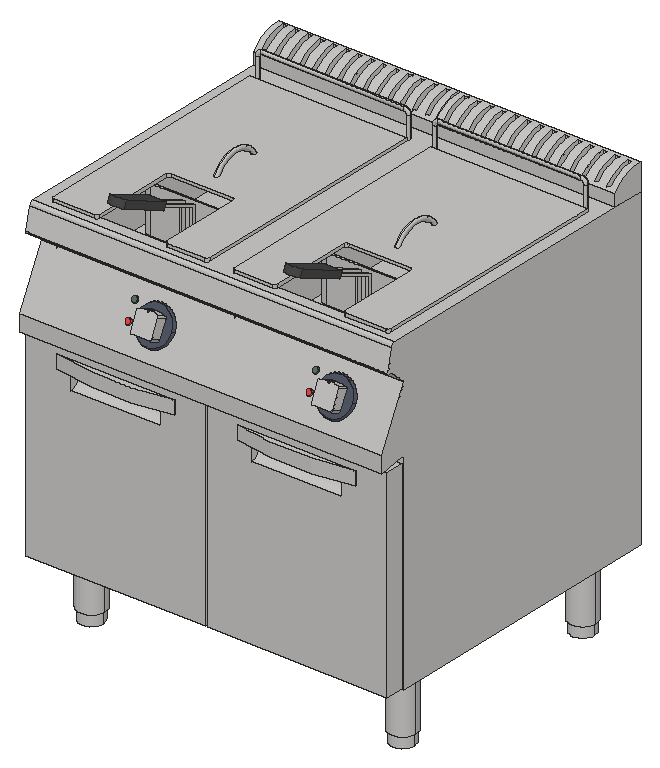
Revit family "QF_ZANUSSI_372082_Z7FREH2GF0", category Specialty Equipment, Revit 2018 (continued)
Automatic sketch dimensions
  Extrusion 6 sketch curve to plane 7 "Center Y" = 26.988 mm
  Extrusion 6 sketch curve to Extrusion 6 sketch curve = 82.55 mm
  plane 3 "LEFT" to Extrusion 6 sketch curve = 134.938 mm
  plane 3 "LEFT" to Extrusion 6 sketch curve = 128.588 mm
  plane 3 "LEFT" to Extrusion 6 sketch curve = 33.338 mm
  plane 3 "LEFT" to Extrusion 6 sketch curve = 26.988 mm
  Extrusion 6 sketch curve to plane 8 "Center X" = 116.012 mm  (x2)
  Extrusion 6 sketch curve to plane 12 = 34.801 mm  (x2)
  Sweep 7 sketch curve to plane 10 "TOP A" = 0 mm  (x2)
  Sweep 7 sketch curve to plane 6 "TOP" = 9.525 mm  (x2)
  plane 3 "LEFT" to Sweep 7 sketch curve = 39.688 mm
  Sweep 7 sketch curve to Sweep 7 sketch curve = 6.35 mm
  Sweep 7 sketch curve to plane 7 "Center Y" = 37.331 mm
  Sweep 7 sketch curve to profile plane = 2.09 mm
  profile plane to Sweep 7 sketch curve = 140.754 mm
  Extrusion 8 sketch curve to plane 7 "Center Y" = 175.907 mm
  Extrusion 8 sketch curve to Extrusion 8 sketch curve = 0 mm
  Extrusion 8 sketch curve to Extrusion 8 sketch curve = 11.832 mm
  Extrusion 8 sketch curve to Extrusion 8 sketch curve = 106.78 mm
  Extrusion 8 sketch curve to Extrusion 8 sketch curve = 18.617 mm
  Extrusion 9 sketch curve to plane 11 = 1.013 mm
  Extrusion 9 sketch curve to plane 11 = 3.696 mm
  Extrusion 9 sketch curve to plane 10 "TOP A" = 11.567 mm
  Extrusion 9 sketch curve to plane 11 = 84.899 mm
  Extrusion 9 sketch curve to plane 10 "TOP A" = 7.522 mm
  Extrusion 9 sketch curve to Extrusion 9 sketch curve = 6.35 mm
  Extrusion 9 sketch curve to Extrusion 9 sketch curve = 97.432 mm
  Extrusion 10 sketch curve to plane 11 = 1.013 mm
  Extrusion 10 sketch curve to plane 11 = 3.696 mm
  Extrusion 10 sketch curve to plane 10 "TOP A" = 11.567 mm
  Extrusion 10 sketch curve to plane 11 = 84.899 mm
  Extrusion 10 sketch curve to Extrusion 10 sketch curve = 6.35 mm
  Extrusion 10 sketch curve to plane 10 "TOP A" = 7.522 mm
  Extrusion 10 sketch curve to Extrusion 10 sketch curve = 97.432 mm
  Sweep 11 sketch curve to plane 10 "TOP A" = 0 mm  (x2)
  Sweep 11 sketch curve to plane 8 "Center X" = 12.824 mm
  Sweep 11 sketch curve to plane 10 "TOP A" = 26.978 mm
  Sweep 11 sketch curve to Sweep 11 sketch curve = 54.439 mm
  Sweep 11 sketch curve to profile plane = 0 mm  (x2)
  Sweep 12 sketch curve to plane 10 "TOP A" = 0 mm  (x2)
  Sweep 12 sketch curve to plane 8 "Center X" = 12.824 mm
  Sweep 12 sketch curve to plane 10 "TOP A" = 26.978 mm
  Sweep 12 sketch curve to Sweep 12 sketch curve = 54.439 mm
  Sweep 12 sketch curve to profile plane = 0 mm
  profile plane to Sweep 12 sketch curve = 0 mm
  plane 7 "Center Y" to Extrusion 13 sketch curve = 175.907 mm
  Extrusion 13 sketch curve to Extrusion 13 sketch curve = 0 mm
  Extrusion 13 sketch curve to Extrusion 13 sketch curve = 11.832 mm
  Extrusion 13 sketch curve to Extrusion 13 sketch curve = 106.78 mm
  Extrusion 13 sketch curve to Extrusion 13 sketch curve = 18.617 mm
  Extrusion 14 sketch curve to Extrusion 14 sketch curve = 0 mm  (x16)
  Extrusion 14 sketch curve to plane 4 "RIGHT" = 91.225 mm
  Extrusion 14 sketch curve to Extrusion 14 sketch curve = 3.175 mm  (x2)
  Extrusion 14 sketch curve to Extrusion 14 sketch curve = 22.225 mm  (x6)
  plane 7 "Center Y" to Extrusion 14 sketch curve = 105.625 mm  (x2)
  Extrusion 14 sketch curve to plane 7 "Center Y" = 80.225 mm
  plane 3 "LEFT" to Extrusion 14 sketch curve = 116.625 mm  (x2)
  plane 12 to Extrusion 14 sketch curve = 41.498 mm  (x2)
  Extrusion 14 sketch curve to plane 8 "Center X" = 116.11 mm  (x2)
  Extrusion 15 sketch curve to plane 11 = 1.013 mm
  Extrusion 15 sketch curve to plane 11 = 3.696 mm
  Extrusion 15 sketch curve to plane 10 "TOP A" = 11.567 mm
  Extrusion 15 sketch curve to plane 11 = 84.899 mm
  Extrusion 15 sketch curve to plane 10 "TOP A" = 7.522 mm
  Extrusion 15 sketch curve to Extrusion 15 sketch curve = 6.35 mm
  Extrusion 15 sketch curve to Extrusion 15 sketch curve = 97.432 mm
  Extrusion 16 sketch curve to plane 11 = 1.013 mm
  Extrusion 16 sketch curve to plane 11 = 3.696 mm
  Extrusion 16 sketch curve to plane 10 "TOP A" = 11.567 mm
  Extrusion 16 sketch curve to plane 11 = 84.899 mm
  Extrusion 16 sketch curve to Extrusion 16 sketch curve = 6.35 mm
  Extrusion 16 sketch curve to Extrusion 16 sketch curve = 97.432 mm
  Extrusion 16 sketch curve to plane 10 "TOP A" = 7.522 mm
  Sweep 17 sketch curve to plane 10 "TOP A" = 0 mm  (x2)
  Sweep 17 sketch curve to plane 6 "TOP" = 9.525 mm  (x2)
  Sweep 17 sketch curve to plane 4 "RIGHT" = 39.688 mm
  Sweep 17 sketch curve to Sweep 17 sketch curve = 6.35 mm
  plane 7 "Center Y" to Sweep 17 sketch curve = 37.331 mm
  profile plane to Sweep 17 sketch curve = 2.09 mm
  profile plane to Sweep 17 sketch curve = 140.754 mm
  plane 1 "BACK" to Extrusion 18 sketch curve = 6.761 mm
  Extrusion 18 sketch curve to plane 7 "Center Y" = 15.351 mm
  Extrusion 18 sketch curve to Extrusion 18 sketch curve = 9.296 mm
  Extrusion 18 sketch curve to Extrusion 18 sketch curve = 57.15 mm
  plane 1 "BACK" to Extrusion 19 sketch curve = 6.761 mm
  plane 3 "LEFT" to Extrusion 19 sketch curve = 50.591 mm
  Extrusion 19 sketch curve to Extrusion 19 sketch curve = 9.296 mm
  Extrusion 19 sketch curve to Extrusion 19 sketch curve = 57.15 mm
  plane 1 "BACK" to Extrusion 20 sketch curve = 6.761 mm
  plane 3 "LEFT" to Extrusion 20 sketch curve = 78.433 mm
  Extrusion 20 sketch curve to Extrusion 20 sketch curve = 9.296 mm
  Extrusion 20 sketch curve to Extrusion 20 sketch curve = 57.15 mm
  plane 1 "BACK" to Extrusion 21 sketch curve = 6.761 mm
  plane 3 "LEFT" to Extrusion 21 sketch curve = 106.275 mm
  Extrusion 21 sketch curve to Extrusion 21 sketch curve = 9.296 mm
  Extrusion 21 sketch curve to Extrusion 21 sketch curve = 57.15 mm
  plane 1 "BACK" to Extrusion 22 sketch curve = 6.761 mm
  plane 3 "LEFT" to Extrusion 22 sketch curve = 134.118 mm
  Extrusion 22 sketch curve to Extrusion 22 sketch curve = 9.296 mm
  Extrusion 22 sketch curve to Extrusion 22 sketch curve = 57.15 mm
  plane 1 "BACK" to Extrusion 23 sketch curve = 6.761 mm
  plane 3 "LEFT" to Extrusion 23 sketch curve = 161.96 mm
  Extrusion 23 sketch curve to Extrusion 23 sketch curve = 9.296 mm
  Extrusion 23 sketch curve to Extrusion 23 sketch curve = 57.15 mm
  plane 1 "BACK" to Extrusion 24 sketch curve = 6.761 mm
  plane 3 "LEFT" to Extrusion 24 sketch curve = 189.802 mm
  Extrusion 24 sketch curve to Extrusion 24 sketch curve = 9.296 mm
  Extrusion 24 sketch curve to Extrusion 24 sketch curve = 57.15 mm
  plane 1 "BACK" to Extrusion 25 sketch curve = 6.761 mm
  Extrusion 25 sketch curve to plane 7 "Center Y" = 182.405 mm
  Extrusion 25 sketch curve to Extrusion 25 sketch curve = 9.296 mm
  Extrusion 25 sketch curve to Extrusion 25 sketch curve = 57.15 mm
  plane 1 "BACK" to Extrusion 26 sketch curve = 6.761 mm
  Extrusion 26 sketch curve to plane 7 "Center Y" = 154.563 mm
  Extrusion 26 sketch curve to Extrusion 26 sketch curve = 9.296 mm
  Extrusion 26 sketch curve to Extrusion 26 sketch curve = 57.15 mm
  plane 1 "BACK" to Extrusion 27 sketch curve = 6.761 mm
  Extrusion 27 sketch curve to plane 7 "Center Y" = 126.721 mm
  Extrusion 27 sketch curve to Extrusion 27 sketch curve = 9.296 mm
  Extrusion 27 sketch curve to Extrusion 27 sketch curve = 57.15 mm
  plane 1 "BACK" to Extrusion 28 sketch curve = 6.761 mm
  Extrusion 28 sketch curve to plane 7 "Center Y" = 98.878 mm
  Extrusion 28 sketch curve to Extrusion 28 sketch curve = 9.296 mm
  Extrusion 28 sketch curve to Extrusion 28 sketch curve = 57.15 mm
  plane 1 "BACK" to Extrusion 29 sketch curve = 6.761 mm
  Extrusion 29 sketch curve to plane 7 "Center Y" = 71.036 mm
  Extrusion 29 sketch curve to Extrusion 29 sketch curve = 9.296 mm
  Extrusion 29 sketch curve to Extrusion 29 sketch curve = 57.15 mm
  plane 1 "BACK" to Extrusion 30 sketch curve = 6.761 mm
  Extrusion 30 sketch curve to plane 7 "Center Y" = 43.194 mm
  Extrusion 30 sketch curve to Extrusion 30 sketch curve = 9.296 mm
  Extrusion 30 sketch curve to Extrusion 30 sketch curve = 57.15 mm
  Extrusion 31 sketch curve to plane 1 "BACK" = 6.761 mm
  plane 4 "RIGHT" to Extrusion 31 sketch curve = 22.749 mm
  Extrusion 31 sketch curve to Extrusion 31 sketch curve = 9.296 mm
  Extrusion 31 sketch curve to Extrusion 31 sketch curve = 57.15 mm
  Extrusion 32 sketch curve to plane 1 "BACK" = 6.761 mm
  Extrusion 32 sketch curve to plane 7 "Center Y" = 15.351 mm
  Extrusion 32 sketch curve to Extrusion 32 sketch curve = 9.296 mm
  Extrusion 32 sketch curve to Extrusion 32 sketch curve = 57.15 mm
  Extrusion 33 sketch curve to plane 1 "BACK" = 6.761 mm
  plane 4 "RIGHT" to Extrusion 33 sketch curve = 50.591 mm
  Extrusion 33 sketch curve to Extrusion 33 sketch curve = 9.296 mm
  Extrusion 33 sketch curve to Extrusion 33 sketch curve = 57.15 mm
  Extrusion 34 sketch curve to plane 1 "BACK" = 6.761 mm
  plane 4 "RIGHT" to Extrusion 34 sketch curve = 78.433 mm
  Extrusion 34 sketch curve to Extrusion 34 sketch curve = 9.296 mm
  Extrusion 34 sketch curve to Extrusion 34 sketch curve = 57.15 mm
  Extrusion 35 sketch curve to plane 1 "BACK" = 6.761 mm
  plane 4 "RIGHT" to Extrusion 35 sketch curve = 106.275 mm
  Extrusion 35 sketch curve to Extrusion 35 sketch curve = 9.296 mm
  Extrusion 35 sketch curve to Extrusion 35 sketch curve = 57.15 mm
  Extrusion 36 sketch curve to plane 1 "BACK" = 6.761 mm
  plane 4 "RIGHT" to Extrusion 36 sketch curve = 134.118 mm
  Extrusion 36 sketch curve to Extrusion 36 sketch curve = 9.296 mm
  Extrusion 36 sketch curve to Extrusion 36 sketch curve = 57.15 mm
  Extrusion 37 sketch curve to plane 1 "BACK" = 6.761 mm
  plane 4 "RIGHT" to Extrusion 37 sketch curve = 161.96 mm
  Extrusion 37 sketch curve to Extrusion 37 sketch curve = 9.296 mm
  Extrusion 37 sketch curve to Extrusion 37 sketch curve = 57.15 mm
  Extrusion 38 sketch curve to plane 1 "BACK" = 6.761 mm
  plane 4 "RIGHT" to Extrusion 38 sketch curve = 189.802 mm
  Extrusion 38 sketch curve to Extrusion 38 sketch curve = 9.296 mm
  Extrusion 38 sketch curve to Extrusion 38 sketch curve = 57.15 mm
  Extrusion 39 sketch curve to plane 1 "BACK" = 6.761 mm
  Extrusion 39 sketch curve to plane 7 "Center Y" = 182.405 mm
  Extrusion 39 sketch curve to Extrusion 39 sketch curve = 9.296 mm
  Extrusion 39 sketch curve to Extrusion 39 sketch curve = 57.15 mm
  Extrusion 40 sketch curve to plane 1 "BACK" = 6.761 mm
  Extrusion 40 sketch curve to plane 7 "Center Y" = 154.563 mm
  Extrusion 40 sketch curve to Extrusion 40 sketch curve = 9.296 mm
  Extrusion 40 sketch curve to Extrusion 40 sketch curve = 57.15 mm
  Extrusion 41 sketch curve to plane 1 "BACK" = 6.761 mm
  Extrusion 41 sketch curve to plane 7 "Center Y" = 126.721 mm
  Extrusion 41 sketch curve to Extrusion 41 sketch curve = 9.296 mm
  Extrusion 41 sketch curve to Extrusion 41 sketch curve = 57.15 mm
  Extrusion 42 sketch curve to plane 1 "BACK" = 6.761 mm
  Extrusion 42 sketch curve to plane 7 "Center Y" = 98.878 mm
  Extrusion 42 sketch curve to Extrusion 42 sketch curve = 9.296 mm
  Extrusion 42 sketch curve to Extrusion 42 sketch curve = 57.15 mm
  Extrusion 43 sketch curve to plane 1 "BACK" = 6.761 mm
  Extrusion 43 sketch curve to plane 7 "Center Y" = 71.036 mm
  Extrusion 43 sketch curve to Extrusion 43 sketch curve = 9.296 mm
  Extrusion 43 sketch curve to Extrusion 43 sketch curve = 57.15 mm
  Extrusion 44 sketch curve to plane 1 "BACK" = 6.761 mm
  Extrusion 44 sketch curve to plane 7 "Center Y" = 43.194 mm
  Extrusion 44 sketch curve to Extrusion 44 sketch curve = 9.296 mm
  Extrusion 44 sketch curve to Extrusion 44 sketch curve = 57.15 mm
  plane 1 "BACK" to Extrusion 45 sketch curve = 0 mm
  plane 7 "Center Y" to Extrusion 45 sketch curve = 1.587 mm
  Extrusion 45 sketch curve to plane 7 "Center Y" = 1.588 mm
  Extrusion 45 sketch curve to Extrusion 45 sketch curve = 69.85 mm
  Revolve 46 sketch curve to level = 0 mm
  Revolve 46 sketch curve to plane 14 = 0 mm  (x2)
  level to Revolve 46 sketch curve = 25 mm
  plane 3 "LEFT" to Revolve 46 sketch curve = 56 mm
  plane 3 "LEFT" to Revolve 46 sketch curve = 29.75 mm
  plane 3 "LEFT" to Revolve 46 sketch curve = 26 mm
  Revolve 46 sketch curve to Revolve 46 sketch curve = 20 mm
  Revolve 46 sketch curve to Revolve 46 sketch curve = 0 mm
  Revolve 47 sketch curve to level = 0 mm
  Revolve 47 sketch curve to plane 14 = 0 mm  (x2)
  level to Revolve 47 sketch curve = 25 mm
  plane 3 "LEFT" to Revolve 47 sketch curve = 56 mm
  plane 3 "LEFT" to Revolve 47 sketch curve = 29.75 mm
  plane 3 "LEFT" to Revolve 47 sketch curve = 26 mm
  Revolve 47 sketch curve to Revolve 47 sketch curve = 20 mm
  Revolve 47 sketch curve to Revolve 47 sketch curve = 0 mm
  Revolve 48 sketch curve to level = 0 mm
  Revolve 48 sketch curve to plane 14 = 0 mm  (x2)
  level to Revolve 48 sketch curve = 25 mm
  Revolve 48 sketch curve to plane 4 "RIGHT" = 26 mm
  Revolve 48 sketch curve to Revolve 48 sketch curve = 3.75 mm
  Revolve 48 sketch curve to Revolve 48 sketch curve = 30 mm
  Revolve 48 sketch curve to Revolve 48 sketch curve = 20 mm
  Revolve 48 sketch curve to Revolve 48 sketch curve = 0 mm
  Revolve 49 sketch curve to level = 0 mm
  Revolve 49 sketch curve to plane 14 = 0 mm  (x2)
  level to Revolve 49 sketch curve = 25 mm
  Revolve 49 sketch curve to plane 4 "RIGHT" = 26 mm
  Revolve 49 sketch curve to Revolve 49 sketch curve = 3.75 mm
  Revolve 49 sketch curve to Revolve 49 sketch curve = 30 mm
  plane 14 to Revolve 49 sketch curve = 20 mm
  Revolve 49 sketch curve to Revolve 49 sketch curve = 0 mm
  Extrusion 51 sketch curve to plane 5 "FRONT" = 12.909 mm
  Extrusion 51 sketch curve to plane 5 "FRONT" = 15 mm
  Extrusion 51 sketch curve to Extrusion 51 sketch curve = 22 mm
  Extrusion 51 sketch curve to plane 9 "BASE" = 83.237 mm
  Extrusion 51 sketch curve to Extrusion 51 sketch curve = 26 mm
  Extrusion 52 sketch curve to plane 5 "FRONT" = 15 mm
  Extrusion 52 sketch curve to plane 7 "Center Y" = 69.727 mm
  Extrusion 52 sketch curve to plane 12 = 42.135 mm
  plane 3 "LEFT" to Extrusion 52 sketch curve = 200 mm
  plane 3 "LEFT" to Extrusion 52 sketch curve = 69.727 mm
  Extrusion 52 sketch curve to Extrusion 52 sketch curve = 0.915 mm
  Extrusion 53 sketch curve to plane 5 "FRONT" = 12.909 mm
  Extrusion 53 sketch curve to plane 5 "FRONT" = 15 mm
  Extrusion 53 sketch curve to Extrusion 53 sketch curve = 22 mm
  Extrusion 53 sketch curve to plane 9 "BASE" = 83.237 mm
  Extrusion 53 sketch curve to Extrusion 53 sketch curve = 26 mm
  Extrusion 54 sketch curve to plane 5 "FRONT" = 15 mm
  Extrusion 54 sketch curve to plane 4 "RIGHT" = 69.727 mm
  Extrusion 54 sketch curve to plane 12 = 42.135 mm
  Extrusion 54 sketch curve to plane 4 "RIGHT" = 200 mm
  plane 7 "Center Y" to Extrusion 54 sketch curve = 69.727 mm
  Extrusion 54 sketch curve to Extrusion 54 sketch curve = 0.915 mm
  Extrusion 55 sketch curve to plane 4 "RIGHT" = 0 mm
  Extrusion 55 sketch curve to plane 3 "LEFT" = 0 mm
  Extrusion 55 sketch curve to plane 4 "RIGHT" = 12.169 mm
  plane 7 "Center Y" to Extrusion 55 sketch curve = 2.13 mm
  Extrusion 55 sketch curve to plane 7 "Center Y" = 2.13 mm
  plane 3 "LEFT" to Extrusion 55 sketch curve = 12.169 mm
  Extrusion 55 sketch curve to plane 5 "FRONT" = 27.6 mm
  Extrusion 55 sketch curve to Extrusion 55 sketch curve = 0 mm
  Extrusion 55 sketch curve to Extrusion 55 sketch curve = 0.091 mm  (x2)
  Extrusion 56 sketch curve to plane 7 "Center Y" = 2.13 mm
  plane 14 to Extrusion 56 sketch curve = 5 mm
  Extrusion 56 sketch curve to plane 9 "BASE" = 0.238 mm
  plane 7 "Center Y" to Extrusion 56 sketch curve = 2.13 mm
  Blend 57 sketch curve to plane 4 "RIGHT" = 125 mm  (x2)
  Extrusion 58 sketch curve to plane 4 "RIGHT" = 148 mm
  Extrusion 58 sketch curve to Extrusion 58 sketch curve = 2.997 mm  (x3)
  Extrusion 58 sketch curve to Extrusion 58 sketch curve = 20.003 mm  (x2)
  Extrusion 58 sketch curve to Extrusion 58 sketch curve = 40.005 mm
  Extrusion 58 sketch curve to Extrusion 58 sketch curve = 5.399 mm
  Extrusion 58 sketch curve to Extrusion 58 sketch curve = 40.037 mm
  Extrusion 58 sketch curve to Extrusion 58 sketch curve = 0 mm  (x2)
  Extrusion 59 sketch curve to plane 4 "RIGHT" = 142.5 mm
  Extrusion 59 sketch curve to Extrusion 59 sketch curve = 35 mm  (x2)
  Extrusion 60 sketch curve to plane 5 "FRONT" = 9.329 mm
  Extrusion 60 sketch curve to plane 10 "TOP A" = 112.253 mm
  Extrusion 60 sketch curve to Extrusion 60 sketch curve = 3 mm
  Extrusion 60 sketch curve to Extrusion 60 sketch curve = 0 mm
  Extrusion 60 sketch curve to Extrusion 60 sketch curve = 1 mm  (x2)
  Extrusion 60 sketch curve to Extrusion 60 sketch curve = 15 mm
  Extrusion 61 sketch curve to plane 4 "RIGHT" = 180.001 mm
  Extrusion 62 sketch curve to plane 4 "RIGHT" = 180.001 mm
  Blend 63 sketch curve to plane 7 "Center Y" = 125 mm  (x2)
  Extrusion 64 sketch curve to plane 7 "Center Y" = 148 mm
  Extrusion 64 sketch curve to Extrusion 64 sketch curve = 2.997 mm  (x3)
  Extrusion 64 sketch curve to Extrusion 64 sketch curve = 20.003 mm  (x2)
  Extrusion 64 sketch curve to Extrusion 64 sketch curve = 40.005 mm
  Extrusion 64 sketch curve to Extrusion 64 sketch curve = 5.399 mm
  Extrusion 64 sketch curve to Extrusion 64 sketch curve = 40.037 mm
  Extrusion 64 sketch curve to Extrusion 64 sketch curve = 0 mm  (x2)
  Extrusion 65 sketch curve to plane 7 "Center Y" = 142.5 mm
  Extrusion 65 sketch curve to Extrusion 65 sketch curve = 35 mm  (x2)
  Extrusion 66 sketch curve to plane 5 "FRONT" = 9.329 mm
  Extrusion 66 sketch curve to plane 10 "TOP A" = 112.253 mm
  Extrusion 66 sketch curve to Extrusion 66 sketch curve = 3 mm
  Extrusion 66 sketch curve to Extrusion 66 sketch curve = 0 mm
  Extrusion 66 sketch curve to Extrusion 66 sketch curve = 1 mm  (x2)
  Extrusion 66 sketch curve to Extrusion 66 sketch curve = 15 mm
  Extrusion 67 sketch curve to plane 7 "Center Y" = 180.001 mm
  Extrusion 68 sketch curve to plane 7 "Center Y" = 180.001 mm
  curve 164 to plane 4 "RIGHT" = 0 mm
  curve 167 to plane 4 "RIGHT" = 0 mm
  plane 5 "FRONT" to curve 168 = 0 mm
  plane 1 "BACK" to curve 162 = 0 mm
  curve 5 to plane 3 "LEFT" = 0 mm
  curve 165 to plane 3 "LEFT" = 0 mm
  plane 4 "RIGHT" to curve 3 = 150.019 mm
  curve 122 to plane 4 "RIGHT" = 13.453 mm
  curve 121 to curve 122 = 9.296 mm
  curve 55 to plane 4 "RIGHT" = 26.987 mm
  curve 43 to curve 43 = 6.35 mm
  curve 42 to curve 77 = 10.61 mm
  plane 1 "BACK" to curve 127 = 6.761 mm
  curve 120 to curve 127 = 18.547 mm
  curve 127 to curve 128 = 9.296 mm
  plane 1 "BACK" to curve 130 = 6.761 mm
  curve 126 to curve 130 = 18.547 mm
  curve 130 to curve 131 = 9.296 mm
  plane 1 "BACK" to curve 134 = 6.761 mm
  curve 129 to curve 134 = 18.547 mm
  curve 133 to curve 132 = 9.296 mm
  curve 44 to plane 5 "FRONT" = 52.888 mm
  curve 44 to curve 44 = 88.9 mm
  plane 1 "BACK" to curve 137 = 6.761 mm
  curve 132 to curve 137 = 18.547 mm
  curve 45 to curve 46 = 6.35 mm
  curve 136 to curve 135 = 9.296 mm
  curve 46 to curve 47 = 6.35 mm
  plane 1 "BACK" to curve 139 = 6.761 mm
  curve 135 to curve 139 = 18.547 mm
  curve 139 to curve 140 = 9.296 mm
  plane 1 "BACK" to curve 143 = 6.761 mm
  curve 138 to curve 143 = 18.547 mm
  curve 58 to plane 5 "FRONT" = 8.614 mm
  curve 45 to curve 58 = 58.32 mm
  curve 142 to curve 141 = 9.296 mm
  curve 48 to curve 67 = 60.633 mm
  curve 67 to curve 69 = 4.449 mm
  plane 1 "BACK" to curve 145 = 6.761 mm
  curve 141 to curve 145 = 18.547 mm
  curve 145 to curve 144 = 9.296 mm
  curve 56 to plane 11 = 5.711 mm
  curve 57 to curve 56 = 37.235 mm
  plane 1 "BACK" to curve 148 = 6.761 mm
  curve 144 to curve 148 = 18.547 mm
  curve 148 to curve 149 = 9.296 mm
  plane 1 "BACK" to curve 152 = 6.761 mm
  curve 147 to curve 152 = 18.547 mm
  curve 68 to curve 48 = 66.994 mm
  curve 151 to curve 150 = 9.296 mm
  curve 49 to curve 50 = 6.35 mm
  curve 50 to curve 51 = 6.35 mm
  plane 1 "BACK" to curve 155 = 6.761 mm
  curve 150 to curve 155 = 18.547 mm
  curve 154 to curve 153 = 9.296 mm
  plane 1 "BACK" to curve 158 = 6.761 mm
  curve 153 to curve 158 = 18.547 mm
  curve 157 to curve 156 = 9.296 mm
  plane 7 "Center Y" to curve 168 = 54.971 mm
  plane 1 "BACK" to curve 160 = 6.761 mm
  curve 156 to curve 160 = 18.547 mm
  curve 160 to curve 161 = 9.296 mm
  plane 7 "Center Y" to curve 53 = 33.338 mm
  plane 7 "Center Y" to curve 78 = 28.891 mm
  curve 78 to curve 54 = 1.903 mm
  plane 1 "BACK" to curve 125 = 6.761 mm
  curve 159 to curve 125 = 18.547 mm
  curve 124 to curve 125 = 9.296 mm
  plane 7 "Center Y" to curve 162 = 1.588 mm
  curve 24 to plane 7 "Center Y" = 1.587 mm
  plane 1 "BACK" to curve 83 = 6.761 mm
  curve 163 to curve 83 = 13.764 mm
  curve 81 to curve 82 = 9.296 mm
  curve 22 to plane 7 "Center Y" = 26.988 mm
  curve 22 to curve 73 = 1.903 mm
  curve 21 to curve 21 = 6.35 mm
  plane 1 "BACK" to curve 119 = 6.761 mm
  curve 82 to curve 119 = 18.547 mm
  curve 117 to curve 118 = 9.296 mm
  curve 166 to plane 7 "Center Y" = 54.971 mm
  plane 1 "BACK" to curve 114 = 6.761 mm
  curve 118 to curve 114 = 18.547 mm
  curve 114 to curve 115 = 9.296 mm
  plane 1 "BACK" to curve 113 = 6.761 mm
  curve 115 to curve 113 = 18.547 mm
  curve 111 to curve 113 = 9.296 mm
  curve 21 to curve 19 = 82.55 mm
  curve 18 to plane 7 "Center Y" = 122.238 mm
  plane 1 "BACK" to curve 110 = 6.761 mm
  curve 112 to curve 110 = 18.547 mm
  curve 17 to curve 16 = 6.35 mm
  curve 108 to curve 110 = 9.296 mm
  plane 1 "BACK" to curve 107 = 6.761 mm
  curve 109 to curve 107 = 18.547 mm
  curve 105 to curve 107 = 9.296 mm
  curve 25 to plane 5 "FRONT" = 8.614 mm
  curve 19 to curve 25 = 53.67 mm
  plane 1 "BACK" to curve 102 = 6.761 mm
  curve 106 to curve 102 = 18.547 mm
  curve 102 to curve 103 = 9.296 mm
  plane 8 "Center X" to curve 37 = 38.031 mm
  curve 16 to curve 37 = 66.994 mm
  curve 37 to curve 38 = 4.449 mm
  plane 1 "BACK" to curve 99 = 6.761 mm
  curve 103 to curve 99 = 18.547 mm
  curve 26 to plane 11 = 5.711 mm
  curve 25 to curve 26 = 37.235 mm
  curve 99 to curve 100 = 9.296 mm
  plane 1 "BACK" to curve 96 = 6.761 mm
  curve 100 to curve 96 = 18.547 mm
  curve 96 to curve 97 = 9.296 mm
  curve 36 to curve 16 = 60.633 mm
  plane 1 "BACK" to curve 95 = 6.761 mm
  curve 97 to curve 95 = 18.547 mm
  curve 29 to curve 29 = 58.32 mm
  curve 93 to curve 94 = 9.296 mm
  curve 13 to curve 13 = 6.35 mm
  plane 1 "BACK" to curve 90 = 6.761 mm
  curve 94 to curve 90 = 18.547 mm
  curve 90 to curve 92 = 9.296 mm
  plane 1 "BACK" to curve 87 = 6.761 mm
  curve 91 to curve 87 = 18.547 mm
  curve 87 to curve 89 = 9.296 mm
  plane 1 "BACK" to curve 86 = 6.761 mm
  curve 88 to curve 86 = 18.547 mm
  curve 84 to curve 86 = 9.296 mm
  curve 85 to curve 73 = 3.647 mm
  plane 3 "LEFT" to curve 11 = 33.338 mm
  curve 11 to curve 10 = 6.35 mm
  plane 1 "BACK" to curve 7 = 6.761 mm
  curve 85 to curve 7 = 18.547 mm
  curve 7 to curve 8 = 9.296 mm
  curve 1 to plane 3 "LEFT" = 150.019 mm
  curve 1 to plane 1 "BACK" = 150.019 mm
  plane 1 "BACK" to curve 122 = 6.761 mm
  curve 123 to curve 164 = 63.089 mm
  curve 24 to curve 162 = 0 mm
  curve 24 to curve 73 = 30.564 mm
  curve 162 to curve 78 = 30.564 mm
  curve 77 to curve 79 = 7.655 mm
  curve 73 to curve 76 = 7.655 mm
  curve 74 to curve 10 = 4.767 mm
  curve 78 to curve 55 = 4.767 mm
  plane 8 "Center X" to curve 68 = 38.031 mm
  curve 68 to plane 8 "Center X" = 63.432 mm
  curve 37 to plane 8 "Center X" = 63.432 mm
  curve 38 to curve 16 = 46.229 mm
  curve 67 to curve 48 = 46.229 mm
  plane 11 to curve 19 = 57.877 mm
  plane 11 to curve 11 = 57.877 mm
  plane 11 to curve 50 = 57.877 mm
  curve 167 to plane 5 "FRONT" = 27.613 mm
  curve 165 to plane 5 "FRONT" = 27.613 mm
  curve 56 to plane 5 "FRONT" = 8.614 mm
  curve 27 to plane 5 "FRONT" = 8.614 mm
  plane 5 "FRONT" to curve 166 = 168.89 mm
  curve 166 to curve 168 = 0 mm
  curve 44 to curve 168 = 40.903 mm
  curve 233 to curve 66 = 3.442 mm
  curve 66 to curve 233 = 0 mm
  curve 57 to curve 63 = 4.079 mm
  curve 63 to curve 62 = 5.857 mm
  curve 66 to curve 59 = 0 mm
  curve 62 to curve 65 = 17.363 mm
  curve 65 to curve 64 = 5.857 mm
  curve 17 to curve 33 = 51.399 mm
  curve 33 to curve 34 = 5.857 mm
  curve 35 to curve 28 = 0 mm  (x2)
  curve 31 to curve 26 = 9.936 mm
  curve 32 to curve 26 = 4.079 mm
  curve 35 to curve 28 = 3.442 mm
  curve 166 to curve 11 = 40.903 mm
  curve 111 to curve 111 = 57.15 mm
  curve 111 to curve 114 = 0 mm
  curve 115 to curve 114 = 0 mm
  curve 114 to curve 117 = 0 mm
  curve 118 to curve 117 = 0 mm
  curve 109 to curve 111 = 0 mm
  curve 109 to curve 108 = 0 mm
  curve 120 to curve 164 = 5.939 mm
  curve 120 to curve 121 = 0 mm
  curve 123 to curve 162 = 5.939 mm
  curve 123 to curve 124 = 0 mm
  curve 106 to curve 109 = 0 mm
  curve 106 to curve 105 = 0 mm
  curve 126 to curve 120 = 0 mm
  curve 126 to curve 127 = 0 mm
  curve 129 to curve 126 = 0 mm
  curve 129 to curve 130 = 0 mm
  curve 103 to curve 106 = 0 mm
  curve 103 to curve 102 = 0 mm
  curve 132 to curve 129 = 0 mm
  curve 132 to curve 133 = 0 mm
  curve 135 to curve 132 = 0 mm
  curve 135 to curve 136 = 0 mm
  curve 100 to curve 103 = 0 mm
  curve 100 to curve 99 = 0 mm
  curve 138 to curve 135 = 0 mm
  curve 138 to curve 139 = 0 mm
  curve 141 to curve 138 = 0 mm
  curve 141 to curve 142 = 0 mm
  curve 97 to curve 100 = 0 mm
  curve 97 to curve 96 = 0 mm
  curve 144 to curve 141 = 0 mm
  curve 117 to curve 82 = 0 mm
  curve 82 to curve 81 = 0 mm
  curve 144 to curve 145 = 0 mm
  curve 94 to curve 97 = 0 mm
  curve 94 to curve 93 = 0 mm
  curve 147 to curve 144 = 0 mm
  curve 147 to curve 148 = 0 mm
  curve 150 to curve 147 = 0 mm
  curve 150 to curve 151 = 0 mm
  curve 91 to curve 94 = 0 mm
  curve 91 to curve 90 = 0 mm
  curve 153 to curve 150 = 0 mm
  curve 153 to curve 154 = 0 mm
  curve 156 to curve 153 = 0 mm
  curve 156 to curve 157 = 0 mm
  curve 88 to curve 91 = 0 mm
  curve 84 to curve 88 = 0 mm
  curve 85 to curve 84 = 0 mm
  curve 88 to curve 87 = 0 mm
  curve 7 to curve 85 = 0 mm
  curve 124 to curve 159 = 0 mm
  curve 159 to curve 160 = 0 mm
  curve 8 to curve 7 = 0 mm
  curve 112 to curve 111 = 0 mm
  curve 15 to curve 40 = 22.324 mm
  curve 49 to curve 71 = 22.324 mm
  curve 17 to curve 33 = 25.499 mm
  curve 71 to curve 72 = 3.175 mm
  curve 35 to curve 28 = 17.436 mm
  curve 66 to curve 233 = 17.436 mm
  curve 35 to curve 28 = 6.713 mm
  curve 66 to curve 233 = 6.713 mm
  curve 28 to curve 35 = 4.011 mm
  curve 66 to curve 59 = 6.713 mm
  plane 5 "FRONT" to curve 1 = 1.377 mm
  plane 5 "FRONT" to curve 3 = 1.377 mm
  plane 5 "FRONT" to curve 167 = 0 mm
  plane 5 "FRONT" to curve 165 = 0 mm
  plane 5 "FRONT" to curve 6 = 0 mm
  plane 5 "FRONT" to curve 5 = 0 mm
  plane 5 "FRONT" to curve 166 = 0 mm
  curve 59 to curve 233 = 0 mm  (x2)
  curve 233 to curve 66 = 18.617 mm
  plane 5 "FRONT" to curve 59 = 0.363 mm
  curve 232 to plane 3 "LEFT" = 0 mm
  curve 197 to plane 3 "LEFT" = 0 mm
  plane 5 "FRONT" to curve 232 = 0 mm
  plane 5 "FRONT" to curve 238 = 0 mm
  plane 5 "FRONT" to curve 230 = 0 mm
  plane 5 "FRONT" to curve 234 = 0 mm
  plane 5 "FRONT" to curve 235 = 0 mm
  plane 5 "FRONT" to curve 231 = 0 mm
  curve 236 to plane 4 "RIGHT" = 0 mm
  curve 231 to plane 4 "RIGHT" = 0 mm
  plane 5 "FRONT" to curve 198 = 9.347 mm
  curve 198 to plane 7 "Center Y" = 148 mm
  curve 198 to curve 199 = 0.809 mm
  curve 202 to curve 202 = 1.583 mm
  curve 199 to curve 200 = 1.846 mm
  curve 199 to curve 213 = 2.189 mm
  curve 198 to curve 201 = 11.892 mm
  curve 204 to plane 5 "FRONT" = 9.329 mm
  curve 202 to curve 204 = 20.417 mm
  curve 213 to curve 203 = 19.134 mm
  curve 203 to curve 212 = 1.738 mm
  curve 204 to curve 205 = 2 mm
  curve 201 to curve 210 = 22.215 mm
  curve 205 to curve 213 = 19.003 mm
  curve 213 to curve 209 = 0.343 mm
  curve 209 to curve 211 = 1.071 mm
  curve 209 to curve 208 = 2.189 mm
  curve 208 to curve 207 = 0.809 mm
  plane 5 "FRONT" to curve 223 = 9.347 mm
  curve 223 to plane 4 "RIGHT" = 148 mm
  curve 224 to curve 224 = 0.809 mm
  curve 227 to curve 227 = 1.583 mm
  curve 224 to curve 225 = 1.846 mm
  curve 224 to curve 229 = 2.189 mm
  curve 223 to curve 226 = 11.892 mm
  curve 221 to plane 5 "FRONT" = 9.329 mm
  curve 227 to curve 221 = 20.417 mm
  curve 229 to curve 228 = 19.134 mm
  curve 228 to curve 219 = 1.738 mm
  curve 221 to curve 221 = 2 mm
  curve 226 to curve 217 = 22.215 mm
  curve 220 to curve 229 = 19.003 mm
  curve 216 to curve 216 = 0.343 mm
  curve 216 to curve 218 = 1.071 mm
  curve 216 to curve 215 = 2.189 mm
  curve 215 to curve 214 = 0.809 mm
  curve 229 to curve 224 = 1.333 mm
  curve 213 to curve 199 = 1.333 mm
  curve 212 to curve 213 = 86.839 mm
  curve 219 to curve 229 = 86.839 mm
  curve 228 to curve 219 = 0 mm
  curve 203 to curve 212 = 0 mm
  curve 209 to curve 208 = 1.333 mm
  curve 216 to curve 214 = 1.333 mm
  curve 215 to curve 216 = 2.779 mm
  curve 208 to curve 209 = 2.779 mm
  curve 224 to curve 225 = 2.779 mm
  curve 199 to curve 200 = 2.779 mm
  curve 211 to plane 5 "FRONT" = 7.894 mm
  curve 218 to plane 5 "FRONT" = 7.894 mm
  curve 227 to plane 5 "FRONT" = 7.894 mm
  curve 202 to plane 5 "FRONT" = 7.894 mm
  curve 221 to curve 226 = 41.91 mm
  curve 204 to curve 201 = 41.91 mm
  curve 201 to curve 210 = 0 mm
  curve 226 to curve 217 = 0 mm
  plane 3 "LEFT" to curve 169 = 13.453 mm
  curve 169 to curve 169 = 9.296 mm
  curve 169 to curve 171 = 18.547 mm
  curve 171 to curve 171 = 9.296 mm
  curve 171 to curve 172 = 18.547 mm
  curve 172 to curve 172 = 9.296 mm
  curve 172 to curve 173 = 18.547 mm
  curve 173 to curve 173 = 9.296 mm
  curve 173 to curve 174 = 18.547 mm
  curve 174 to curve 174 = 9.296 mm
  curve 174 to curve 175 = 18.547 mm
  curve 175 to curve 175 = 9.296 mm
  curve 175 to curve 176 = 18.547 mm
  curve 197 to plane 5 "FRONT" = 15 mm
  curve 197 to curve 198 = 65.142 mm
  curve 176 to curve 176 = 9.296 mm
  curve 197 to curve 232 = 13.142 mm
  curve 176 to curve 177 = 18.547 mm
  curve 232 to curve 238 = 10.967 mm
  curve 177 to curve 177 = 9.296 mm
  curve 238 to curve 237 = 13.125 mm
  curve 177 to curve 178 = 18.547 mm
  curve 201 to curve 198 = 9.809 mm
  curve 178 to curve 178 = 9.296 mm
  curve 203 to curve 202 = 0.284 mm
  curve 178 to curve 179 = 18.547 mm
  curve 179 to curve 179 = 9.296 mm
  curve 179 to curve 180 = 18.547 mm
  curve 211 to curve 212 = 0.284 mm
  curve 180 to curve 180 = 9.296 mm
  curve 207 to curve 210 = 9.809 mm
  curve 180 to curve 181 = 18.547 mm
  curve 181 to curve 181 = 9.296 mm
  curve 181 to curve 182 = 18.547 mm
  curve 182 to curve 182 = 9.296 mm
  curve 182 to curve 170 = 18.547 mm
  curve 170 to curve 170 = 9.296 mm
  plane 7 "Center Y" to curve 184 = 15.351 mm
  curve 184 to curve 184 = 9.296 mm
  curve 184 to curve 196 = 18.547 mm
  curve 196 to curve 196 = 9.296 mm
  curve 196 to curve 195 = 18.547 mm
  curve 195 to curve 195 = 9.296 mm
  curve 195 to curve 194 = 18.547 mm
  curve 194 to curve 194 = 9.296 mm
  curve 194 to curve 193 = 18.547 mm
  curve 193 to curve 193 = 9.296 mm
  curve 193 to curve 192 = 18.547 mm
  curve 192 to curve 192 = 9.296 mm
  curve 237 to plane 5 "FRONT" = 15 mm
  curve 237 to curve 223 = 76.143 mm
  curve 192 to curve 191 = 18.547 mm
  curve 237 to curve 230 = 13.238 mm
  curve 191 to curve 191 = 9.296 mm
  curve 230 to curve 234 = 3.655 mm
  curve 234 to curve 234 = 3.29 mm
  curve 234 to curve 235 = 3.803 mm
  curve 191 to curve 190 = 18.547 mm
  curve 235 to curve 236 = 13.249 mm
  curve 190 to curve 190 = 9.296 mm
  curve 190 to curve 189 = 18.547 mm
  curve 226 to curve 223 = 9.809 mm
  curve 189 to curve 189 = 9.296 mm
  curve 228 to curve 227 = 0.284 mm
  curve 189 to curve 188 = 18.547 mm
  curve 188 to curve 188 = 9.296 mm
  curve 188 to curve 187 = 18.547 mm
  curve 218 to curve 219 = 0.284 mm
  curve 187 to curve 187 = 9.296 mm
  curve 214 to curve 217 = 9.809 mm
  curve 187 to curve 186 = 18.547 mm
  curve 186 to curve 186 = 9.296 mm
  curve 186 to curve 185 = 18.547 mm
  curve 185 to curve 185 = 9.296 mm
  curve 185 to curve 183 = 18.547 mm
  curve 183 to curve 183 = 9.296 mm
  curve 211 to curve 211 = 0.567 mm
  curve 218 to curve 218 = 0.567 mm
  curve 227 to curve 227 = 0.567 mm
  curve 202 to curve 202 = 0.567 mm
  curve 219 to curve 217 = 1.156 mm
  plane 1 "BACK" to curve 187 = 63.911 mm
  curve 187 to curve 186 = 0 mm
  curve 186 to curve 185 = 0 mm
  plane 1 "BACK" to curve 184 = 63.911 mm
  plane 1 "BACK" to curve 190 = 63.911 mm
  curve 190 to curve 189 = 0 mm
  curve 185 to curve 183 = 0 mm
  curve 191 to curve 190 = 0 mm
  curve 192 to curve 191 = 0 mm
  curve 182 to curve 184 = 0 mm
  curve 181 to curve 182 = 0 mm
  curve 193 to curve 192 = 0 mm
  curve 180 to curve 181 = 0 mm
  curve 188 to curve 187 = 0 mm
  curve 179 to curve 180 = 0 mm
  curve 178 to curve 179 = 0 mm
  curve 177 to curve 178 = 0 mm
  curve 194 to curve 193 = 0 mm
  curve 176 to curve 177 = 0 mm
  curve 195 to curve 194 = 0 mm
  curve 175 to curve 176 = 0 mm
  curve 174 to curve 175 = 0 mm
  curve 173 to curve 174 = 0 mm
  curve 172 to curve 173 = 0 mm
  curve 171 to curve 172 = 0 mm
  curve 182 to curve 170 = 0 mm
  curve 196 to curve 195 = 0 mm
  curve 169 to curve 171 = 0 mm
  radius of Sweep 7 sketch curve = 3.827 mm
  radius of Sweep 11 sketch curve = 4.353 mm
  radius of Sweep 12 sketch curve = 4.353 mm
  radius of Sweep 17 sketch curve = 3.827 mm
  radius of Extrusion 50 sketch curve = 12.7 mm
  radius of Blend 57 sketch curve = 42.5 mm
  radius of Blend 57 sketch curve = 40.5 mm
  radius of Split face 1 sketch curve = 1.5 mm
  radius of Split face 2 sketch curve = 1.5 mm
  radius of Split face 3 sketch curve = 1.5 mm
  radius of Split face 4 sketch curve = 1.5 mm
  radius of Split face 5 sketch curve = 1.5 mm
  radius of Split face 6 sketch curve = 1.5 mm
  radius of Split face 7 sketch curve = 1.5 mm
  radius of Split face 8 sketch curve = 1.5 mm
  radius of Split face 9 sketch curve = 1.5 mm
  radius of Extrusion 61 sketch curve = 6 mm
  radius of Extrusion 62 sketch curve = 6 mm
  radius of Blend 63 sketch curve = 42.5 mm
  radius of Blend 63 sketch curve = 40.5 mm
  radius of Split face 10 sketch curve = 1.5 mm
  radius of Split face 11 sketch curve = 1.5 mm
  radius of Split face 12 sketch curve = 1.5 mm
  radius of Split face 13 sketch curve = 1.5 mm
  radius of Split face 14 sketch curve = 1.5 mm
  radius of Split face 15 sketch curve = 1.5 mm
  radius of Split face 16 sketch curve = 1.5 mm
  radius of Split face 17 sketch curve = 1.5 mm
  radius of Split face 18 sketch curve = 1.5 mm
  radius of Extrusion 67 sketch curve = 6 mm
  radius of Extrusion 68 sketch curve = 6 mm
Connectors
  electrical at (760, -528, 587.537), driven by "Volts", driven by "Watts"
    settings: on Extrusion 50, index 1, voltage 400 V, apparent load 20000 VA, apparent load phase1 0 VA, apparent load phase2 0 VA, apparent load phase3 0 VA, power factor 1, load classification "Other", number of poles 1, system type 30, power factor state 1, is connector primary yes, connector utility no, sub classification motor no, connector description "Electrical Connection"
